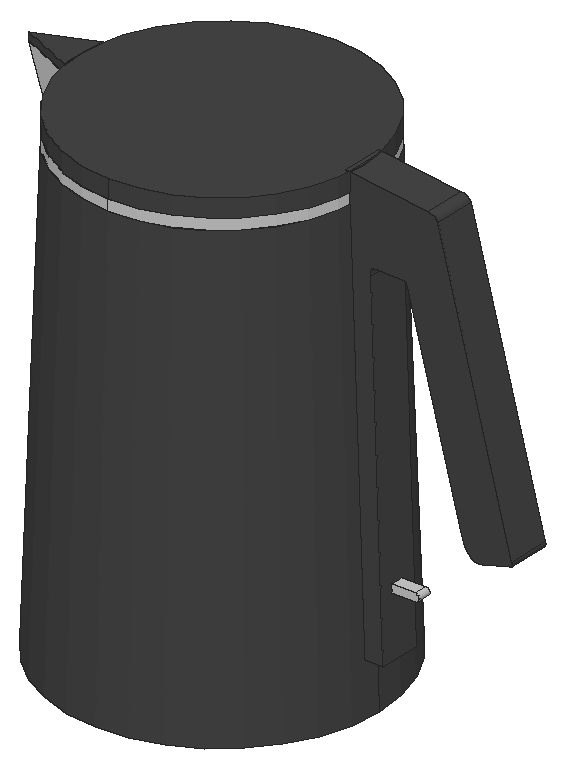
Revit family "DKTL0039", category Generic Models, Revit 2017
Family settings
  Can host rebar = No
  Round Connector Dimension = Use Diameter
  Part Type = Normal
  Work Plane-Based = No
  Always vertical = Yes
  Cut with Voids When Loaded = No
  Shared = No
  Room Calculation Point = No
Parameters
  Website = "https://dolphy.in/"  # constant formula
  Contact number = "+91 9520202035"  # constant formula
  Contact email = "info@dolphy.in"  # constant formula
  Company name = "Dolphy India"  # constant formula
Reference planes
  plane 1 "Center (Front/Back)": y = 0
  plane 2: z = 0
  plane 3 "Center (Left/Right)": x = 0
Forms (mm)
  Blend 1, solid, material "Stainless steel 1"
    base sketch origin (0, 7.311, -16.257) x (1, 0, 0) y (0, 1, 0)
      loop
        circle (0, 0) r 67
    top sketch origin (0, 7.311, -16.257) x (1, 0, 0) y (0, 1, 0)
      loop
        circle (0, 0) r 60
    from 16.291 to 208.819
  Extrusion 2, solid, material "Stainless steel 1"
    sketch origin (0, 7.311, 399.721) x (0, -1, 0) y (1, 0, 0)
      loop
        circle (0, 0) r 60
    from -202.435 to -194.721
  Extrusion 3, solid, material "Stainless steel"
    sketch origin (0, 13.561, 0.658) x (1, 0, 0) y (0, 0, 1)
      loop
        line (-53.126, 201.003) -> (-82.437, 201.003) -> (-54.75, 153.048) -> (-53.126, 201.003)
    from -4.427 to 15.41
  Extrusion 4, solid, material "Stainless steel 1"
    sketch origin (0, 16.061, 0.033) x (1, 0, 0) y (0, 0, 1)
      loop
        line (57.82, 205.069) -> (63.976, 22.139) -> (73.387, 22.139) -> (68.276, 168.493)
        spline (68.276, 168.493) -> (68.287, 169.05) -> (68.322, 169.558) -> (68.381, 170.017) -> (68.462, 170.429) -> (68.567, 170.791) -> (68.696, 171.106) -> (68.848, 171.372) -> (69.023, 171.59) -> (69.221, 171.759) -> (69.443, 171.88) -> (69.688, 171.952) -> (69.956, 171.977)
        line (69.956, 171.977) -> (82.74, 171.977)
        spline (82.74, 171.977) -> (82.826, 171.972) -> (82.908, 171.959) -> (82.985, 171.937) -> (83.056, 171.907) -> (83.123, 171.867) -> (83.184, 171.819) -> (83.24, 171.762) -> (83.291, 171.696) -> (83.337, 171.622) -> (83.378, 171.539) -> (83.414, 171.447) -> (83.445, 171.346)
        line (83.445, 171.346) -> (106.877, 83.896)
        spline (106.877, 83.896) -> (107.339, 82.349) -> (107.853, 80.961) -> (108.42, 79.732) -> (109.038, 78.663) -> (109.709, 77.752) -> (110.432, 77.002) -> (111.208, 76.41) -> (112.035, 75.978) -> (112.915, 75.705) -> (113.847, 75.591) -> (114.831, 75.637) -> (115.867, 75.842)
        line (115.867, 75.842) -> (127.371, 78.925)
        spline (127.371, 78.925) -> (127.572, 78.991) -> (127.748, 79.076) -> (127.901, 79.179) -> (128.029, 79.302) -> (128.134, 79.443) -> (128.215, 79.602) -> (128.271, 79.78) -> (128.304, 79.977) -> (128.313, 80.193) -> (128.297, 80.427) -> (128.258, 80.68) -> (128.195, 80.951)
        line (128.195, 80.951) -> (96.623, 198.78)
        spline (96.623, 198.78) -> (96.504, 199.138) -> (96.344, 199.469) -> (96.144, 199.776) -> (95.905, 200.056) -> (95.625, 200.311) -> (95.305, 200.54) -> (94.944, 200.743) -> (94.544, 200.921) -> (94.104, 201.073) -> (93.623, 201.199) -> (93.102, 201.299) -> (92.541, 201.374)
        line (92.541, 201.374) -> (57.82, 205.069)
    from -2.062 to 15.41
  Extrusion 5, solid, material "Stainless steel"
    sketch origin (0, 16.061, 0.033) x (1, 0, 0) y (0, 0, 1)
      loop
        line (72.509, 50.763) -> (72.62, 47.573) -> (82.709, 47.573)
        spline (82.709, 47.573) -> (83.075, 47.627) -> (83.434, 47.779) -> (83.764, 48.014) -> (84.038, 48.315) -> (84.233, 48.667) -> (84.324, 49.055) -> (84.297, 49.46) -> (84.158, 49.854) -> (83.919, 50.21) -> (83.591, 50.499) -> (83.184, 50.693) -> (82.709, 50.763)
        line (82.709, 50.763) -> (72.509, 50.763)
    from 4.301 to 9.701
  Extrusion 6, solid, material "Stainless steel"
    sketch origin (-0.27, 7.415, 399.721) x (0, -1, 0) y (1, 0, 0)
      loop
        circle (0, 0) r 60
    from -207.159 to -202.435
  Extrusion 7, void
    sketch origin (0, 0, 0) x (1, 0, 0) y (0, 1, 0)
      loop
        line (-59.297, -1.85) -> (-82.437, 8.069) -> (-59.042, 17.988) -> (-82.749, 17.988) -> (-82.749, -1.85) -> (-59.297, -1.85)
    from 156.206 to 208.154
  Extrusion 8, solid, material "Stainless steel 1"
    sketch origin (0, 0, 0) x (1, 0, 0) y (0, 1, 0)
      loop
        line (-59.042, 17.988) -> (-82.437, 8.069) -> (-59.297, -1.85)
        spline (-59.297, -1.85) -> (-59.523, -0.417) -> (-59.705, 1.056) -> (-59.841, 2.569) -> (-59.933, 4.122) -> (-59.979, 5.715) -> (-59.98, 7.348) -> (-59.937, 9.021) -> (-59.848, 10.734) -> (-59.714, 12.487) -> (-59.535, 14.281) -> (-59.311, 16.114) -> (-59.042, 17.988)
    from 201.661 to 205
Cuts and joins
  Extrusion 7 cuts Extrusion 3
Dimensions and locks
  Extrusion 2 to level = 205 mm
  diameter of Blend 1 sketch curve = 134 mm
  aligned and locked: level to plane 2
Automatic sketch dimensions
  Blend 1 sketch curve to plane 3 "Center (Left/Right)" = 0 mm  (x2)
  Blend 1 sketch curve to plane 1 "Center (Front/Back)" = 7.311 mm  (x2)
  Extrusion 2 sketch curve to plane 3 "Center (Left/Right)" = 0 mm
  Extrusion 2 sketch curve to plane 1 "Center (Front/Back)" = 7.311 mm
  Extrusion 3 sketch curve to plane 3 "Center (Left/Right)" = 82.437 mm
  Extrusion 3 sketch curve to plane 3 "Center (Left/Right)" = 54.75 mm
  Extrusion 3 sketch curve to Extrusion 3 sketch curve = 29.311 mm
  level to Extrusion 3 sketch curve = 153.706 mm
  Extrusion 3 sketch curve to Extrusion 3 sketch curve = 47.955 mm
  plane 3 "Center (Left/Right)" to Extrusion 4 sketch curve = 57.82 mm
  plane 3 "Center (Left/Right)" to Extrusion 4 sketch curve = 63.976 mm
  Extrusion 4 sketch curve to Extrusion 4 sketch curve = 10.456 mm
  Extrusion 4 sketch curve to Extrusion 4 sketch curve = 1.681 mm
  Extrusion 4 sketch curve to Extrusion 4 sketch curve = 9.411 mm
  Extrusion 4 sketch curve to Extrusion 4 sketch curve = 12.784 mm
  Extrusion 4 sketch curve to Extrusion 4 sketch curve = 0.705 mm
  Extrusion 4 sketch curve to Extrusion 4 sketch curve = 9.802 mm
  Extrusion 4 sketch curve to Extrusion 4 sketch curve = 4.082 mm
  level to Extrusion 4 sketch curve = 83.929 mm
  Extrusion 4 sketch curve to Extrusion 4 sketch curve = 33.49 mm
  level to Extrusion 4 sketch curve = 75.875 mm
  Extrusion 4 sketch curve to Extrusion 4 sketch curve = 8.991 mm
  level to Extrusion 4 sketch curve = 78.958 mm
  Extrusion 4 sketch curve to Extrusion 4 sketch curve = 11.504 mm
  level to Extrusion 4 sketch curve = 80.985 mm
  Extrusion 4 sketch curve to Extrusion 4 sketch curve = 0.824 mm
  Extrusion 4 sketch curve to Extrusion 4 sketch curve = 53.704 mm
  level to Extrusion 4 sketch curve = 168.527 mm
  Extrusion 4 sketch curve to Extrusion 4 sketch curve = 2.853 mm
  Extrusion 4 sketch curve to Extrusion 4 sketch curve = 3.483 mm
  Extrusion 4 sketch curve to Extrusion 4 sketch curve = 26.803 mm
  Extrusion 4 sketch curve to Extrusion 4 sketch curve = 2.594 mm
  Extrusion 4 sketch curve to Extrusion 4 sketch curve = 3.695 mm
  plane 3 "Center (Left/Right)" to Extrusion 5 sketch curve = 72.509 mm
  Extrusion 5 sketch curve to Extrusion 5 sketch curve = 0.111 mm
  Extrusion 5 sketch curve to Extrusion 5 sketch curve = 10.089 mm
  level to Extrusion 5 sketch curve = 47.606 mm
  Extrusion 5 sketch curve to Extrusion 5 sketch curve = 3.19 mm
  Extrusion 6 sketch curve to plane 3 "Center (Left/Right)" = 0.27 mm
  Extrusion 6 sketch curve to plane 1 "Center (Front/Back)" = 7.415 mm
  Extrusion 7 sketch curve to plane 1 "Center (Front/Back)" = 17.988 mm
  Extrusion 7 sketch curve to plane 3 "Center (Left/Right)" = 82.749 mm
  Extrusion 7 sketch curve to plane 1 "Center (Front/Back)" = 8.069 mm
  Extrusion 7 sketch curve to Extrusion 7 sketch curve = 0.312 mm
  Extrusion 7 sketch curve to Extrusion 7 sketch curve = 23.707 mm
  plane 1 "Center (Front/Back)" to Extrusion 7 sketch curve = 1.85 mm
  Extrusion 7 sketch curve to Extrusion 7 sketch curve = 0.254 mm
  Extrusion 8 sketch curve to plane 1 "Center (Front/Back)" = 8.069 mm
  Extrusion 8 sketch curve to plane 3 "Center (Left/Right)" = 82.437 mm
  plane 1 "Center (Front/Back)" to Extrusion 8 sketch curve = 1.85 mm
  Extrusion 8 sketch curve to Extrusion 8 sketch curve = 23.14 mm
  Extrusion 8 sketch curve to plane 1 "Center (Front/Back)" = 17.988 mm
  Extrusion 8 sketch curve to Extrusion 8 sketch curve = 0.254 mm
  radius of Blend 1 sketch curve = 60 mm
  radius of Extrusion 2 sketch curve = 60 mm
  radius of Extrusion 6 sketch curve = 60 mm
